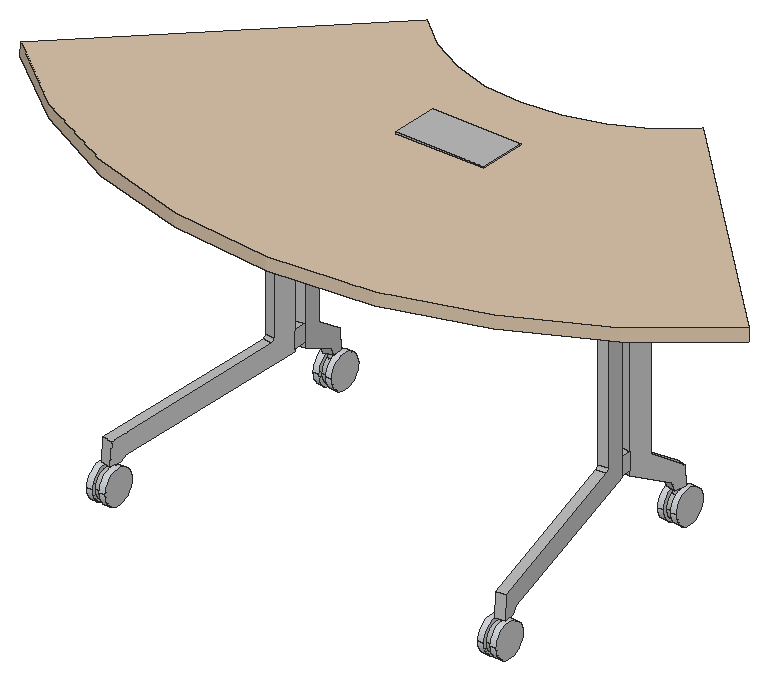
Revit family "Haworth_Planes_TrainingTable_Crescent", category Furniture Systems, Revit 2018
Family settings
  Round Connector Dimension = Use Diameter
  Part Type = Normal
  OmniClass Number = 23.40.70.14.64.21
  OmniClass Title = Systems Furniture
  Work Plane-Based = No
  Always vertical = Yes
  Cut with Voids When Loaded = No
  Shared = No
  Room Calculation Point = No
Parameters (values of type "68w 30d")
  Warranty = "http://www.haworth.com/resources/product-info/warranties"
  Void Top Placement = Actual Height + 2"  # 31"
  Void Cutout Height = if(Cutout, 5", 1/2")  # 5"
  URL - Product = "http://www.haworth.com/products/tables/training/planes"
  Type Comments = ""
  Table Finish [instance] = Haworth _ Laminate _ Maple H-AE
  Table Edge Finish [instance] = Haworth _ Laminate _ Maple H-AE
  Sustainability Info = "http://media.haworth.com/asset/5175/Planes%20tables%20PEDS.pdf"
  Opening Single Wide = no
  Opening Single Narrow = no
  Opening Single = and(Cutout, not(or(Opening Single Wide, Opening Single Narrow)))  # yes
  Leg Placement = 30"  # constant formula
  Knife Edge = not(Edgeband)  # no
  Fliptop Width = Cutout Width + 1/4"  # 8 1/4"
  Fliptop Depth = Cutout Depth + 3/8"  # 4 3/8"
  Model = "TABN"  # constant formula
  Leg Finish [instance] = Haworth _ Paint _ Metallic Champagne
  Glides = not(Casters)  # no
  Flip Top Finish = Haworth _ Paint _ Metallic Champagne
  Flip Top = yes
  Edgeband = yes
  Description = "Haworth - Planes Training - Table Crescent"  # constant formula
  Cutout Width = if(Opening Single Wide, 11", if(Opening Single Narrow, 4", 8"))  # 8"
  Cutout Depth = 4"  # constant formula
  URL = "www.haworth.com"
  Table Thickness = 1 3/16"  # constant formula
  Size = "Verify Final Dim. w/ Haworth"  # constant formula
  Revision Number = "1"  # constant formula
  Manufacturer = "Haworth"  # constant formula
  Leg Height = Actual Height - Table Thickness  # 27 13/16"
  Cutout = yes
  Casters = yes
  Caster Finish [instance] = Haworth _ Paint _ Metallic Champagne
  Author = "Haworth (Alias)"  # constant formula
  Assembly Code = "E2020200"
  Actual Width = 68"  # constant formula
  Actual Height = 29"  # constant formula
  Actual Depth = 30"  # constant formula
Reference planes (in)
  plane 1 "Leg Middle": y = 2.84375
  plane 2: z = 0
  plane 3 "Center L/R": x = 0
  plane 4 "Table Edge Left": x = -34
  plane 5 "Table Edge Right": x = 34
  plane 6 "Table Leg Left": x = -15
  plane 7 "Table Leg Right": x = 15
  plane 8 "Top": z = 29
  plane 9 "Support Back": y = 11.59375
  plane 10 "Top Bottom": z = 27.8125
  plane 11 "Void Bottom": z = 27
  plane 12 "Void Top": z = 31
  plane 13 "Center F/B": y = 9.09375
  plane 14 "Cutout Left": x = -4.125
  plane 15 "Cutout Right": x = 4.125
  plane 16 "Cutout Back": y = 11.09375
  plane 17 "Cutout Front": y = 7.09375
  plane 18 "Void Cutout Bottom": z = 26
  plane 19 "Corner Left": x = -3.44122
  plane 20 "Corner Right": x = 3.44122
  plane 21 "Back": y = 21.59476
  plane 22 "KnifeEdge Middle": z = 28.625
  plane 23 "Front Edge": y = -13.40524
  plane 24 "Left Edge": through (-12.9542, 21.59476, 48) normal (0.7071, -0.7071, 0)
  plane 25 "Right Edge": through (12.9542, 21.59476, 48) normal (0.7071, 0.7071, 0)
Forms (in)
  Extrusion 1, solid, material "Haworth _ Laminate _ Maple H-AE" <- "Table Finish", visible <- "Edgeband"
    sketch origin (0, 0, 29) x (-1, 0, 0) y (0, -1, 0)
      loop
        arc (-12.9542, -21.59476) -> (0, -16.22896) -> (12.9542, -21.59476) r 18.32001
        line (12.9542, -21.59476) -> (34.1674, -0.38156)
        arc (34.1674, -0.38156) -> (0, 13.40524) -> (-34.1674, -0.38156) r 49.23142
        line (-34.1674, -0.38156) -> (-12.9542, -21.59476)
    from -1.1875 to 0
  Extrusion 2, void
    sketch origin (0, 0, 29) x (-1, 0, 0) y (0, -1, 0)
      loop
        line (4.125, -11.09375) -> (4.125, -7.09375) -> (-4.125, -7.09375) -> (-4.125, -11.09375) -> (4.125, -11.09375)
    from -3 to 2
  Extrusion 3, solid, material "Haworth _ Laminate _ Maple H-AE" <- "Table Finish", visible <- "Knife Edge"
    sketch origin (0, 0, 29) x (-1, 0, 0) y (0, -1, 0)
      loop
        line (-34.1674, -0.38156) -> (-12.9542, -21.59476)
        arc (-12.9542, -21.59476) -> (0, -16.22896) -> (12.9542, -21.59476) r 18.32001
        line (12.9542, -21.59476) -> (34.1674, -0.38156)
        arc (34.1674, -0.38156) -> (0, 13.40524) -> (-34.1674, -0.38156) r 49.23142
    from -0.375 to 0
  Blend 4, solid, material "Haworth _ Laminate _ Maple H-AE" <- "Table Finish", visible <- "Knife Edge"
    base sketch origin (0, 0, 29) x (-1, 0, 0) y (0, -1, 0)
      loop
        line (-32.75294, -1.79602) -> (-12.9542, -21.59476)
        arc (-12.9542, -21.59476) -> (0, -16.22896) -> (12.9542, -21.59476) r 18.32001
        line (12.9542, -21.59476) -> (32.75294, -1.79602)
        arc (32.75294, -1.79602) -> (0, 11.40524) -> (-32.75294, -1.79602) r 47.23142
    top sketch origin (0, 0, 29) x (-1, 0, 0) y (0, -1, 0)
      loop
        line (-34.1674, -0.38156) -> (-12.9542, -21.59476)
        arc (-12.9542, -21.59476) -> (0, -16.22896) -> (12.9542, -21.59476) r 18.32001
        line (12.9542, -21.59476) -> (34.1674, -0.38156)
        arc (34.1674, -0.38156) -> (0, 13.40524) -> (-34.1674, -0.38156) r 49.23142
    from -1.1875 to -0.375
Cuts and joins
  Extrusion 2 cuts Extrusion 1
  Extrusion 2 cuts Extrusion 3
  Extrusion 2 cuts Blend 4
  joined: Extrusion 3, Blend 4
Lines and regions (in)
  Masking region 1
    outline origin (0, 0, 29) x (-1, 0, 0) y (0, -1, 0)
      loop
        arc (34.1674, -0.38156) -> (0, 13.40524) -> (-34.1674, -0.38156) r 49.23142
        line (-34.1674, -0.38156) -> (-12.9542, -21.59476)
        arc (-12.9542, -21.59476) -> (0, -16.22896) -> (12.9542, -21.59476) r 18.32001
        line (12.9542, -21.59476) -> (34.1674, -0.38156)
  symbolic lines, style "Haworth", visible <- "Cutout", detail levels medium+fine
    curve 1: line (-4.125, 11.09375, 29) -> (4.125, 11.09375, 29)
    curve 2: line (-4.125, 7.09375, 29) -> (-4.125, 11.09375, 29)
    curve 3: line (4.125, 7.09375, 29) -> (-4.125, 7.09375, 29)
    curve 4: line (4.125, 11.09375, 29) -> (4.125, 7.09375, 29)
  symbolic lines, style "Haworth Hidden", visible <- "Knife Edge", detail levels medium+fine
    curve 5: arc (32.75294, 1.79602, 29) -> (0, -11.40524, 29) -> (-32.75294, 1.79602, 29) r 47.23142
Dimensions and locks (in)
  "Actual Height": plane 8 "Top" to level
  "Table Thickness": plane 8 "Top" to plane 10 "Top Bottom"
  "Void Top Placement": plane 12 "Void Top" to level
  plane 12 "Void Top" to plane 11 "Void Bottom" = 4"
  locked: plane 9 "Support Back" to plane 13 "Center F/B" at 2.5
  equal spacing: plane 14 "Cutout Left", plane 3 "Center L/R", plane 15 "Cutout Right"
  "Fliptop Width": plane 14 "Cutout Left" to plane 15 "Cutout Right"
  equal spacing: plane 16 "Cutout Back", plane 13 "Center F/B", plane 17 "Cutout Front"
  "Cutout Depth": plane 16 "Cutout Back" to plane 17 "Cutout Front"
  "Void Cutout Height": plane 12 "Void Top" to plane 18 "Void Cutout Bottom"
  locked: plane 8 "Top" to plane 22 "KnifeEdge Middle" at 0.375
  locked: plane 21 "Back" to plane 23 "Front Edge" at 35
  equal spacing: plane 4 "Table Edge Left", plane 3 "Center L/R", plane 5 "Table Edge Right"
  "Actual Width": plane 4 "Table Edge Left" to plane 5 "Table Edge Right"
  "Actual Depth": Masking region 1 sketch curve to Masking region 1 sketch curve  (x2)
  "Actual Depth": Extrusion 1 sketch curve to Extrusion 1 sketch curve  (x2)
  "Actual Depth": Extrusion 3 sketch curve to Extrusion 3 sketch curve  (x2)
  "Actual Depth": Blend 4 sketch curve to Blend 4 sketch curve  (x2)
  locked: Blend 4 sketch curve to Masking region 1 at 2.00035
  locked: Blend 4 sketch curve to var sketch at 2.00035
  "Leg Placement": plane 6 "Table Leg Left" to plane 7 "Table Leg Right"
  equal spacing: plane 6 "Table Leg Left", plane 3 "Center L/R", plane 7 "Table Leg Right"
  locked: plane 9 "Support Back" to plane 1 "Leg Middle" at 8.75
  locked: plane 21 "Back" to plane 9 "Support Back" at 10.00101
  radius of Masking region 1 sketch curve = 18.32001"
  radius of Masking region 1 sketch curve = 49.23142"
  radius of Extrusion 1 sketch curve = 18.32001"
  radius of Extrusion 1 sketch curve = 49.23142"
  radius of Extrusion 3 sketch curve = 18.32001"
  radius of Extrusion 3 sketch curve = 49.23142"
  radius of Blend 4 sketch curve = 18.32001"  (x2)
  radius of Blend 4 sketch curve = 49.23142"
  radius of Blend 4 sketch curve = 47.23142"
  aligned and locked: Extrusion 1 to plane 10 "Top Bottom"
  aligned and locked: plane 8 "Top" to Extrusion 1
  aligned and locked: plane 14 "Cutout Left" to Extrusion 2 sketch curve
  aligned and locked: Extrusion 2 sketch curve to plane 17 "Cutout Front"
  aligned and locked: Extrusion 2 sketch curve to plane 15 "Cutout Right"
  aligned and locked: Extrusion 2 sketch curve to plane 16 "Cutout Back"
  aligned and locked: Extrusion 2 to plane 18 "Void Cutout Bottom"
  aligned and locked: plane 12 "Void Top" to Extrusion 2
  aligned and locked: plane 1 "Leg Middle" to nested 1
  aligned and locked: nested 2 to plane 1 "Leg Middle"
  aligned and locked: plane 6 "Table Leg Left" to nested 1
  aligned and locked: plane 7 "Table Leg Right" to nested 2
  aligned and locked: plane 2 to nested 4
  aligned and locked: curve 4 to cut or joined group of Extrusion 1, Extrusion 2
  aligned and locked: curve 1 to cut or joined group of Extrusion 1, Extrusion 2
  aligned and locked: curve 2 to cut or joined group of Extrusion 1, Extrusion 2
  aligned and locked: curve 3 to cut or joined group of Extrusion 1, Extrusion 2
  aligned and locked: plane 8 "Top" to Extrusion 3
  aligned and locked: plane 22 "KnifeEdge Middle" to Extrusion 3
  aligned and locked: Blend 4 to nested 1
  aligned and locked: Blend 4 to plane 22 "KnifeEdge Middle"
  aligned and locked: nested 3 to plane 13 "Center F/B"
  aligned and locked: plane 3 "Center L/R" to nested 3
  aligned and locked: plane 13 "Center F/B" to nested 4
  aligned and locked: plane 3 "Center L/R" to nested 4
  aligned and locked: plane 24 "Left Edge" to Masking region 1 sketch curve
  aligned and locked: Extrusion 3 sketch curve to plane 24 "Left Edge"
  aligned and locked: Extrusion 3 sketch curve to plane 25 "Right Edge"
  aligned and locked: plane 25 "Right Edge" to Extrusion 1 sketch curve
  aligned and locked: Extrusion 1 sketch curve to plane 24 "Left Edge"
  aligned and locked: Blend 4 sketch curve to plane 25 "Right Edge"  (x2)
  aligned and locked: Blend 4 sketch curve to plane 24 "Left Edge"  (x2)
  aligned and locked: plane 8 "Top" to nested 3
  aligned and locked: nested 2 to plane 2
Automatic sketch dimensions
  plane 25 "Right Edge" to Masking region 1 sketch curve = 0"  (x2)
  Masking region 1 sketch curve to plane 21 "Back" = 0"
  Masking region 1 sketch curve to plane 3 "Center L/R" = 0"
  Extrusion 1 sketch curve to plane 21 "Back" = 0"  (x2)
  Extrusion 3 sketch curve to plane 21 "Back" = 0"  (x2)
  Blend 4 sketch curve to plane 21 "Back" = 0"  (x4)
Nested families (in)
  nested 1: "Haworth_Leg-Planes_Training_30D" at (-15, 2.84375, 0), type "Leg"
  nested 2: "Haworth_Leg-Planes_Training_30D" at (15, 2.84375, 0) x (-1, 0, 0) z (0, 0, 1), type "Leg"
  nested 3: "Haworth_Worksurface_FlipTop_Unit_Part" at (-0.57037, 9.04126, 29), visible <- "Flip Top", type "Single Sided"
  nested 4: "Haworth_Planes_TrainingTable_Stretcher_Part" at (0, 5.90092, 0), type "Stretcher"
    with Actual Width 30"
Definition of nested family "Haworth_Leg-Planes_Training_30D"
  Parameters (values of type "Leg")
    Model = "Haworth_Leg-Planes_Training_30D"  # constant formula
    Manufacturer = "Haworth"  # constant formula
    Leg Height = 27 13/16"
    Leg Finish = none
    Glides = no
    Description = "Haworth_Leg-Planes_Training_30D"
    Casters = yes
    Caster Finish = none
    Auther = "Haworth (Hampton)"  # constant formula
    Assembly Code = ""
  Reference planes (in)
    plane 1 "Center (Front/Back)": y = 0
    plane 2: z = 0
    plane 3 "Center (Left/Right)": x = 0
    plane 4 "Top of Leg": z = 27.8125
    plane 5 "Y Leg Stand": x = -3.35156
    plane 6 "Left Y Leg": through (-0.17621, 0.60996, 48) normal (-0.8829, -0.4695, 0)
    plane 7 "Left Post": x = -0.5625
    plane 8 "Left Support": y = 11.57793
    plane 9: through (-0.17621, -0.60996, 48) normal (0.8829, -0.4695, 0)
    plane 10: y = -11.32793
    plane 11: x = -1.18359
  Forms (in)
    Revolve 1, solid, material <- "Leg Finish", visible <- "Glides"
      sketch origin (-1.19307, 0.20824, 0) x (-0.000803, -1, 0) y (0, 0, 1)
        loop
          line (-11.36969, 3.4375) -> (-11.36969, 0) -> (-10.36969, 0) -> (-10.36969, 0.1875) -> (-10.93219, 0.1875) -> (-10.93219, 3.4375) -> (-11.36969, 3.4375)
        axis (-11.36969, 3.4375) -> (-11.36969, 0)
      angle from 0 to 360
    Revolve 2, solid, material <- "Leg Finish", visible <- "Glides"
      sketch origin (-3.36034, 0.04176, 0) x (-0.000803, 1, 0) y (0, 0, -1)
        loop
          line (-11.36969, -3.4375) -> (-10.93219, -3.4375) -> (-10.93219, -0.1875) -> (-10.36969, -0.1875) -> (-10.36969, 0) -> (-11.36969, 0) -> (-11.36969, -3.4375)
        axis (-11.36969, -3.4375) -> (-11.36969, 0)
      angle from 0 to 360
    Extrusion 3, solid, material <- "Leg Finish"
      sketch origin (2.0119, -0.80233, 0) x (0.182579, 0.983191, 0) y (0, 0, 1)
        loop
          line (-11.85941, 5.24224) -> (-12.01655, 3.18345) -> (-10.98335, 3.18345) -> (-10.50665, 3.66015) -> (5.9043, 6.287) -> (5.9043, 27.24592) -> (3.92462, 27.24592) -> (3.92462, 8.10519)
          arc (3.92462, 8.10519) -> (3.85321, 7.91062) -> (3.67287, 7.80844) r 0.30078
          line (3.67287, 7.80844) -> (-11.85941, 5.24224)
      from -3.86674 to -2.94248
    Extrusion 4, solid, material <- "Leg Finish"
      sketch origin (1.99524, 0.3822, 0) x (-0.173889, 0.984765, 0) y (0, 0, 1)
        loop
          line (12.02172, 5.02236) -> (8.82242, 7.10002)
          arc (8.82242, 7.10002) -> (8.72191, 7.20875) -> (8.68546, 7.35227) r 0.30078
          line (8.68546, 7.35227) -> (8.68546, 27.24758) -> (6.68546, 27.24758) -> (6.68546, 6.03031) -> (10.72996, 3.95038) -> (11.08119, 3.19717) -> (12.08119, 3.19717) -> (12.02172, 5.02236)
      from -1.61621 to -0.69725
    Extrusion 5, solid, material <- "Leg Finish"
      sketch origin (0, 0, 0) x (1, 0, 0) y (0, 1, 0)
        loop
          line (-1.10665, 8.6543) -> (-1.44451, 8.6543) -> (-1.44451, 3.76231) -> (-1.07329, 3.76231) -> (-0.71184, 5.70871) -> (-0.75887, 6.68477) -> (-1.10665, 8.6543)
      from 25.04979 to 26.93342
    Extrusion 6, solid, material <- "Leg Finish"
      sketch origin (0, 0, 0) x (1, 0, 0) y (0, 1, 0)
        loop
          line (-0.75887, 6.68477) -> (-0.71184, 5.70871) -> (0.19689, 5.53996) -> (0.14609, 6.84456) -> (-0.75887, 6.68477)
      from 6.48123 to 8.06038
  Lines and regions (in)
    symbolic lines, detail levels fine
      curve 1: line (-3.98381, -11.91091, 0) -> (-3.07508, -12.07966, 0)
      curve 2: line (-3.07508, -12.07966, 0) -> (0.19689, 5.53996, 0)
      curve 3: line (0.19689, 5.53996, 0) -> (0.14609, 6.84456, 0)
      curve 4: line (0.14609, 6.84456, 0) -> (-0.79217, 12.15809, 0)
      curve 5: line (-0.79217, 12.15809, 0) -> (-1.69713, 11.9983, 0)
      curve 6: line (-1.69713, 11.9983, 0) -> (-0.75887, 6.68477, 0)
      curve 7: line (-0.75887, 6.68477, 0) -> (-0.71184, 5.70871, 0)
      curve 8: line (-0.71184, 5.70871, 0) -> (-3.98381, -11.91091, 0)
  Dimensions and locks (in)
    "Leg Height": plane 4 "Top of Leg" to level
  Automatic sketch dimensions
    Revolve 1 sketch curve to level = 0"
    level to Revolve 1 sketch curve = 3.42885"
    Revolve 1 sketch curve to Revolve 1 sketch curve = 0"
    level to Revolve 1 sketch curve = 3/16"
    Revolve 1 sketch curve to Revolve 1 sketch curve = 7/16"
    Revolve 1 sketch curve to Revolve 1 sketch curve = 9/16"
    Revolve 1 sketch curve to level = 1.07115"
    Revolve 1 sketch curve to Revolve 1 sketch curve = 0.00865"
    Revolve 2 sketch curve to level = 0"
    level to Revolve 2 sketch curve = 3.42885"
    Revolve 2 sketch curve to Revolve 2 sketch curve = 0"
    level to Revolve 2 sketch curve = 3/16"
    Revolve 2 sketch curve to Revolve 2 sketch curve = 7/16"
    Revolve 2 sketch curve to Revolve 2 sketch curve = 9/16"
    Revolve 2 sketch curve to Revolve 2 sketch curve = 0.00865"
    Revolve 2 sketch curve to level = 1.07115"
    Extrusion 3 sketch curve to Extrusion 3 sketch curve = 0.4767"  (x2)
    Extrusion 3 sketch curve to Extrusion 3 sketch curve = 0.04903"
    Extrusion 3 sketch curve to Extrusion 3 sketch curve = 77/256"
    Extrusion 3 sketch curve to plane 4 "Top of Leg" = 0.56658"
    Extrusion 3 sketch curve to Extrusion 3 sketch curve = 1.97968"
    level to Extrusion 3 sketch curve = 8.10519"
    Extrusion 3 sketch curve to Extrusion 3 sketch curve = 1.81819"
    level to Extrusion 3 sketch curve = 5.24224"
    Extrusion 3 sketch curve to Extrusion 3 sketch curve = 1.58208"
    Extrusion 3 sketch curve to Extrusion 3 sketch curve = 0.15714"
    Extrusion 3 sketch curve to Extrusion 3 sketch curve = 1.0332"
    Extrusion 3 sketch curve to Extrusion 3 sketch curve = 14.13049"
    Extrusion 4 sketch curve to plane 4 "Top of Leg" = 0.56492"
    Extrusion 4 sketch curve to Extrusion 4 sketch curve = 2"
    Extrusion 4 sketch curve to Extrusion 4 sketch curve = 0.13696"
    Extrusion 4 sketch curve to Extrusion 4 sketch curve = 77/256"
    level to Extrusion 4 sketch curve = 7.35227"
    Extrusion 4 sketch curve to Extrusion 4 sketch curve = 1.06971"
    Extrusion 4 sketch curve to Extrusion 4 sketch curve = 2.07765"
    Extrusion 4 sketch curve to Extrusion 4 sketch curve = 1.07199"
    Extrusion 4 sketch curve to Extrusion 4 sketch curve = 0.75321"
    Extrusion 4 sketch curve to Extrusion 4 sketch curve = 1.90754"
    Extrusion 4 sketch curve to Extrusion 4 sketch curve = 0.35123"
    Extrusion 4 sketch curve to Extrusion 4 sketch curve = 1.29176"
    Extrusion 4 sketch curve to Extrusion 4 sketch curve = 1"
    plane 11 to Extrusion 5 sketch curve = 0.26091"
    Extrusion 5 sketch curve to plane 11 = 0.07695"
    Extrusion 5 sketch curve to plane 11 = 0.11031"
    plane 7 "Left Post" to Extrusion 5 sketch curve = 0.19637"
    plane 7 "Left Post" to Extrusion 5 sketch curve = 0.14934"
    Extrusion 5 sketch curve to plane 1 "Center (Front/Back)" = 3.76231"
    Extrusion 5 sketch curve to Extrusion 5 sketch curve = 1.9464"
    Extrusion 5 sketch curve to Extrusion 5 sketch curve = 0.97606"
    Extrusion 5 sketch curve to Extrusion 5 sketch curve = 1.96953"
    plane 7 "Left Post" to Extrusion 6 sketch curve = 0.19637"
    plane 7 "Left Post" to Extrusion 6 sketch curve = 0.14934"
    plane 3 "Center (Left/Right)" to Extrusion 6 sketch curve = 0.14609"
    plane 3 "Center (Left/Right)" to Extrusion 6 sketch curve = 0.19689"
    Extrusion 6 sketch curve to plane 1 "Center (Front/Back)" = 5.53996"
    Extrusion 6 sketch curve to Extrusion 6 sketch curve = 0.16875"
    Extrusion 6 sketch curve to Extrusion 6 sketch curve = 0.97606"
    Extrusion 6 sketch curve to Extrusion 6 sketch curve = 0.1598"
    curve 1 to plane 5 "Y Leg Stand" = 0.27648"
    plane 11 to curve 5 = 0.51353"
    plane 7 "Left Post" to curve 4 = 0.22967"
    plane 7 "Left Post" to curve 7 = 0.19637"
    plane 7 "Left Post" to curve 8 = 0.14934"
    plane 3 "Center (Left/Right)" to curve 3 = 0.14609"
    plane 3 "Center (Left/Right)" to curve 3 = 0.19689"
    plane 10 to curve 1 = 0.75173"
    curve 1 to curve 1 = 0.16875"
    curve 2 to curve 7 = 0.16875"
    curve 7 to curve 7 = 0.97606"
    curve 6 to curve 3 = 0.1598"
  Nested families (in)
    nested 1: "Haworth_3in Caster" at (-1.18359, 11.57793, 0), visible <- "Casters", type "Haworth_3in Caster"
    nested 2: "Haworth_3in Caster" at (-3.35156, -11.32793, 0), visible <- "Casters", type "Haworth_3in Caster"
  Definition of nested family "Haworth_3in Caster"
    Parameters
      Glides = yes
      Caster Finish = none
      Cart Leg Finish = none
      Assembly Code = ""
    Reference planes (in)
      plane 1 "Center (Front/Back)": y = 0
      plane 2: z = 0
      plane 3 "Center (Left/Right)": x = 0
    Forms (in)
      Extrusion 1, solid
        sketch origin (0, 0, -0.02118) x (0, 1, 0) y (0, 0, 1)
          loop
            circle (-0.48695, 1.58368) r 1.5625
        from 0.875 to 0.3125
      Extrusion 2, solid
        sketch origin (0, 0, -0.02118) x (0, 1, 0) y (0, 0, 1)
          loop
            circle (-0.48695, 1.58368) r 1.5625
        from -0.875 to -0.3125
      Extrusion 3, solid
        sketch origin (0, 0, 0) x (0, 1, 0) y (0, 0, 1)
          loop
            circle (-0.48695, 1.5625) r 1.3125
        from -0.3125 to 0.3125
      Extrusion 4, solid
        sketch origin (0, 0, 0) x (1, 0, 0) y (0, 1, 0)
          loop
            circle (0, 0) r 0.25
        from 2.4375 to 3.4375
    Cuts and joins
      joined: Extrusion 3, Extrusion 4
    Dimensions and locks (in)
      plane 3 "Center (Left/Right)" to Extrusion 2 = 5/16"
      Extrusion 1 to plane 3 "Center (Left/Right)" = 7/8"
Definition of nested family "Haworth_Worksurface_FlipTop_Unit_Part"
  Parameters (values of type "Single Sided")
    Warranty = "www.haworth.com/en-us/Products/Pages/Certifications.aspx"
    URL - Product = "www.haworth.com/en-us/Products/Furniture/Systems/Desking-Systems/Pages/Compose.aspx"
    URL = "www.haworth.com"
    Sustainability Info = "www.haworth.com/en-us/About-Us/Sustainability/Pages/Vision.aspx"
    Size = "Verify Final Dim. w/ Haworth"  # constant formula
    Revision Number = "2"  # constant formula
    Model = "Haworth_Worksurface-Flip_Top_Unit"  # constant formula
    Manufacturer = "Haworth"  # constant formula
    LEED Data = "www.haworth.com/_layouts/Haworth.ProductCatalog/Handlers/GetAsset.ashx/ComposeLEEDContributions.pdf?cid=27&rid=1824&type=Leed"
    Flip Top Finish = none
    Description = "Haworth Worksurface-Flip Top Unit - Part"
    Default Elevation = 48"
    Author = "SHAPE Environments, LLC"  # constant formula
    Assembly Code = "E2020200"
    Actual Width = 8 1/4"
    Actual Depth = 4 3/8"
  Reference planes (in)
    plane 1 "Center F/B": y = 0.05249
    plane 2: z = 0
    plane 3 "Center L/R": x = 0.57037
    plane 4 "Back": y = 2.23999
    plane 5 "Right": x = 4.69537
    plane 6 "Front": y = -2.13501
    plane 7 "Left": x = -3.55463
    plane 8 "Table Height": z = 0
  Forms (in)
    Extrusion 1, solid, material <- "Flip Top Finish"
      sketch origin (0, 0, 0) x (-1, 0, 0) y (0, -1, 0)
        loop
          line (3.55463, -2.23999) -> (3.55463, 2.13501) -> (-4.69537, 2.13501) -> (-4.69537, -2.23999) -> (3.55463, -2.23999)
      from 0 to 0.125
    Extrusion 2, solid, material <- "Flip Top Finish"
      sketch origin (0, 0, 0) x (-1, 0, 0) y (0, -1, 0)
        loop
          line (3.42963, -2.05249) -> (3.42963, 1.94751) -> (-4.57037, 1.94751) -> (-4.57037, -2.05249) -> (3.42963, -2.05249)
      from 0 to -2.75
  Cuts and joins
    joined: Extrusion 1, Extrusion 2
  Lines and regions (in)
    Masking region 1
      outline origin (0, 0, 0) x (1, 0, 0) y (0, 1, 0)
        loop
          line (-3.55463, 2.23999) -> (-3.55463, -2.13501) -> (4.69537, -2.13501) -> (4.69537, 2.23999) -> (-3.55463, 2.23999)
  Dimensions and locks (in)
    equal spacing: plane 7 "Left", plane 3 "Center L/R", plane 5 "Right"
    "Actual Width": plane 7 "Left" to plane 5 "Right"
    equal spacing: plane 6 "Front", plane 1 "Center F/B", plane 4 "Back"
    "Actual Depth": plane 4 "Back" to plane 6 "Front"
    plane 7 "Left" to Extrusion 2 sketch curve = 1/8"
    plane 4 "Back" to Extrusion 2 sketch curve = 3/16"
    Extrusion 2 sketch curve to plane 5 "Right" = 1/8"
    Extrusion 2 sketch curve to plane 6 "Front" = 3/16"
    locked: plane 8 "Table Height" to level
    aligned and locked: plane 7 "Left" to Extrusion 1 sketch curve
    aligned and locked: Extrusion 1 sketch curve to plane 4 "Back"
    aligned and locked: plane 6 "Front" to Extrusion 1 sketch curve
    aligned and locked: Extrusion 1 sketch curve to plane 5 "Right"
    aligned and locked: Masking region 1 sketch curve to cut or joined group of Extrusion 1, Extrusion 2  (x3)
    aligned and locked: cut or joined group of Extrusion 1, Extrusion 2 to Masking region 1 sketch curve
Definition of nested family "Haworth_Planes_TrainingTable_Stretcher_Part"
  Parameters (values of type "Stretcher")
    Warranty = "http://www.haworth.com/resources/product-info/warranties"
    URL - Product = "http://www.haworth.com/products/tables/training/planes"
    Type Comments = ""
    Sustainability Info = "http://media.haworth.com/asset/5175/Planes%20tables%20PEDS.pdf"
    Model = "TARA"  # constant formula
    Leg Finish = none
    Description = "Haworth - Planes Training - Table Stretcher"
    URL = "www.haworth.com"
    Size = "Verify Final Dim. w/ Haworth"  # constant formula
    Revision Number = "1"  # constant formula
    Manufacturer = "Haworth"  # constant formula
    Author = "Haworth (Hampton)"  # constant formula
    Assembly Code = "E2020200"
    Actual Width = 46"
    Actual Depth = 5 61/256"  # constant formula
  Reference planes (in)
    plane 1 "Bottom": z = 0
    plane 2 "Center L/R": x = 0
    plane 3 "Left": x = -23
    plane 4 "Right": x = 23
    plane 5 "Strecther Back": y = 5.81197
    plane 6 "Stretcher Front": y = 0.57369
    plane 7 "Center FB": y = 3.19283
  Forms (in)
    Extrusion 1, solid, material <- "Leg Finish"
      sketch origin (30, 0.35365, 0) x (0, 1, 0) y (0, 0, 1)
        loop
          line (0.2204, 26.95529) -> (0.2204, 25.04023) -> (1.90683, 24.00491) -> (1.98015, 23.98526) -> (3.69856, 23.98526) -> (3.77188, 24.00491) -> (5.45832, 25.04023) -> (5.45832, 26.95529) -> (0.2204, 26.95529)
      from -53 to -7
  Lines and regions (in)
    symbolic lines, detail levels medium+fine
      curve 1: line (-23, 0.57369, 29) -> (23, 0.57369, 29)
      curve 2: line (23.19689, 5.81197, 29) -> (-23.19689, 5.81197, 29)
  Dimensions and locks (in)
    "Actual Depth": plane 5 "Strecther Back" to plane 6 "Stretcher Front"
    equal spacing: plane 5 "Strecther Back", plane 7 "Center FB", plane 6 "Stretcher Front"
    "Actual Width": plane 3 "Left" to plane 4 "Right"
    equal spacing: plane 3 "Left", plane 2 "Center L/R", plane 4 "Right"
    aligned and locked: plane 4 "Right" to Extrusion 1
    aligned and locked: Extrusion 1 to plane 3 "Left"
    aligned and locked: plane 5 "Strecther Back" to Extrusion 1
    aligned and locked: curve 1 to plane 6 "Stretcher Front"
    aligned and locked: plane 5 "Strecther Back" to curve 2
  Automatic sketch dimensions
    Extrusion 1 sketch curve to Extrusion 1 sketch curve = 1.68644"  (x2)
    Extrusion 1 sketch curve to Extrusion 1 sketch curve = 0.07332"  (x2)
    Extrusion 1 sketch curve to Extrusion 1 sketch curve = 1.71841"
    Extrusion 1 sketch curve to Extrusion 1 sketch curve = 0.01965"  (x2)
    Extrusion 1 sketch curve to Extrusion 1 sketch curve = 1.03532"  (x2)
    Extrusion 1 sketch curve to Extrusion 1 sketch curve = 1.91506"
    curve 1 to plane 4 "Right" = 0"
    curve 1 to plane 3 "Left" = 0"
    plane 4 "Right" to curve 2 = 0.19689"
    curve 2 to plane 3 "Left" = 0.19689"
    Extrusion 1 sketch curve to plane 5 "Strecther Back" = 0"
    level to Extrusion 1 sketch curve = 23.98526"
